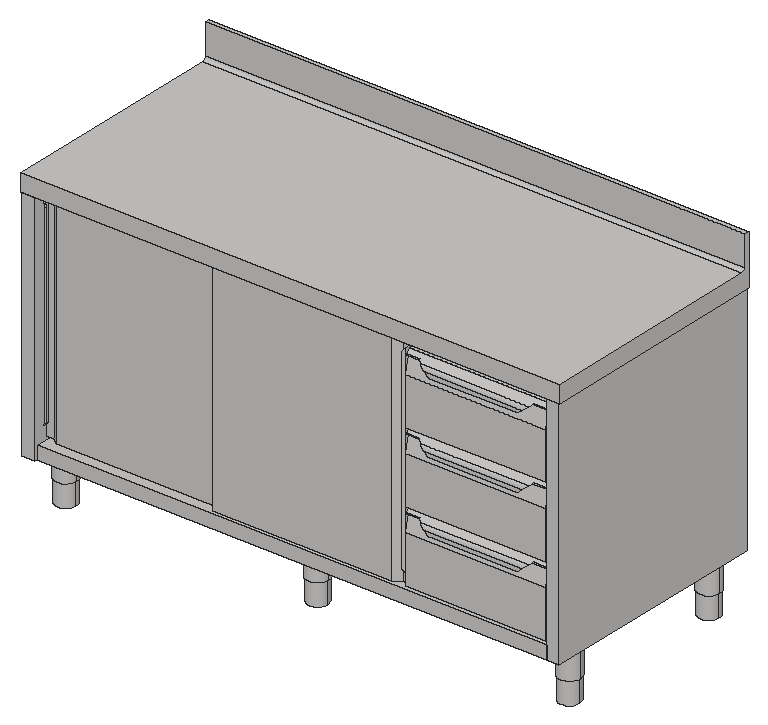
Revit family "QF_ZANUSSI_133169_NTA1610DXP", category Attrezzature speciali, Revit 2020
Family settings
  Quota connettore circolare = Usa diametro
  Tipo di parte = Normale
  Basato su piano di lavoro = No
  Sempre verticale = Sì
  Taglio con vuoti quando caricato = No
  Condiviso = No
  Punto di calcolo locali = No
Parameters (values of type "Standard")
  Weight = 70.00 kg
  Watts = 0 W
  Volts = 0 V
  URL Manufacturer = "http://www.zanussiprofessional.com"
  URL = "http://www.zanussiprofessional.com"
  Steam Supply Size = 0 mm
  Steam Supply Minimum Pressure = 0.0 Pa
  Steam Supply Maximum Pressure = 0.0 Pa
  Steam Consumption per Hour = 0
  Refrigeration Suction Line Size = 0.0 mm
  Refrigeration Liquid Line Size = 0.0 mm
  Refrigerant Compressor Remote = yes
  Prospetto di default = 0.0 mm
  Phase = 0
  Modello = "NTA1610DXP"
  Produttore = "Zanussi"
  Length Actual = 1600.0 mm  # constant formula
  Item Number = "133169"
  Hot Water Size = 0 mm
  Height Actual = 1000.0 mm  # constant formula
  HP = "0 HP"
  Gas Size = 0 mm
  Gas KW = 0
  Gas Input Pressure = 0 W
  Direct Waste Size = 0 mm
  Descrizione = "TABLE+UPST. 3 R/H DRAW.+2 SLIDING D.1600"
  Depth Actual = 700.0 mm  # constant formula
  Cycle = 0 Hz
  Condensate Return Size = 0 mm
  Compressed Air Volume = 0.0 L/s
  Compressed Air Size = 0 mm
  Compressed Air Pressure = 0.0 Pa
  Cold Water Size = 0 mm
  Accessory = yes
Reference planes
  plane 1 "Center (Front/Back)": y = 0
  plane 2: z = 0
  plane 3 "Center Slide Doors": x = -409
  plane 4 "LEFT": x = -1000
  plane 5 "RIGHT": x = 600
  plane 6 "BACK": y = 350
  plane 7 "FRONT": y = -350
  plane 8 "TOP": z = 900
  plane 9: x = -954
  plane 10: x = 554
  plane 11: y = 270
  plane 12: y = -247
  plane 13 "FEET": z = 150
  plane 14: x = -956.5
  plane 15: y = -344.5
  plane 16: x = 138.5
  plane 17: x = -433.5
  plane 18: x = -384.5
  plane 19 "BaseTop": z = 850
  plane 20: x = -994.5
  plane 21: y = 344.5
  plane 22: z = 1000
  plane 23: x = 136
  plane 24: x = 556.5
  plane 25 "FeetLeft": x = -947
  plane 26: x = 547
  plane 27 "Center (Left/Right)": x = -200
  plane 28: x = 594.5
Forms (mm)
  Extrusion 1, solid, material "QF_Finishes_Stainless Steel"
    sketch origin (0, 0, 150) x (-1, 0, 0) y (0, -1, 0)
      loop
        line (994.5, -350) -> (994.5, 350) -> (956.5, 350) -> (956.5, -350) -> (994.5, -350)
      loop
        line (-556.4, -350) -> (-556.4, 344.5) -> (-594.5, 344.5) -> (-594.5, -350) -> (-556.4, -350)
    from 0 to 700
  Extrusion 2, solid, material "QF_Finishes_Stainless Steel"
    sketch origin (0, 0, 150) x (-1, 0, 0) y (0, -1, 0)
      loop
        line (956.5, -347) -> (956.5, 344.5) -> (-556.5, 344.5) -> (-556.5, -347) -> (956.5, -347)
    from 0 to 40
  Extrusion 3, solid, material "QF_Finishes_Stainless Steel"
    sketch origin (33, 0, 150) x (-1, 0, 0) y (0, -1, 0)
      loop
        line (417.5, 324.5) -> (417.5, 304.5) -> (987, 304.5) -> (987, 319.071) -> (977.942, 328.129) -> (976.312, 326.5) -> (985, 317.812) -> (985, 309.5) -> (966.034, 309.5) -> (946.034, 324.5) -> (417.5, 324.5)
    from 700 to 50
  Extrusion 4, void
    sketch origin (0, -350, 0) x (-1, 0, 0) y (0, 0, 1)
      loop
        line (942.418, 247.973) -> (942.418, 191.4) -> (956.5, 191.4) -> (956.5, 229.369) -> (942.418, 247.973)
      loop
        line (942.418, 816.627) -> (956.5, 835.231) -> (956.5, 850) -> (942.418, 850) -> (942.418, 816.627)
    from 20.5 to 40.5
  Extrusion 5, solid, material "QF_Finishes_Stainless Steel"
    sketch origin (0, 0, 150) x (-1, 0, 0) y (0, -1, 0)
      loop
        line (-556.5, -350) -> (956.5, -350) -> (956.5, -327) -> (-556.5, -327) -> (-556.5, -350)
    from 700 to 40
  Extrusion 6, solid, material "QF_Finishes_Stainless Steel"
    sketch origin (-409, 0, 0) x (0, 1, 0) y (0, 0, 1)
      loop
        line (-350, 900) -> (-350, 850) -> (350, 850) -> (350, 1000) -> (337, 1000) -> (337, 910)
        arc (337, 910) -> (334.071, 902.929) -> (327, 900) r 10
        line (327, 900) -> (-350, 900)
    from 1009 to -591
  Extrusion 7, solid, material "QF_Finishes_Stainless Steel"
    sketch origin (-847, -20, 150) x (1, 0, 0) y (0, 1, 0)
      loop
        line (413.5, -324.5) -> (944.034, -324.5) -> (964.034, -309.5) -> (981, -309.5) -> (981, -317.812) -> (974.312, -324.5) -> (975.942, -326.129) -> (983, -319.071) -> (983, -304.5) -> (413.5, -304.5) -> (413.5, -324.5)
    from 700 to 50
  Extrusion 8, void
    sketch origin (-814, -350, 0) x (1, 0, 0) y (0, 0, -1)
      loop
        line (940.418, -247.973) -> (952.5, -229.369) -> (952.5, -191.4) -> (940.418, -191.4) -> (940.418, -247.973)
      loop
        line (940.418, -816.627) -> (940.418, -850) -> (952.5, -850) -> (952.5, -835.231) -> (940.418, -816.627)
    from 2.49 to 20.5
  Extrusion 9, solid, material "QF_Finishes_Stainless Steel"
    sketch origin (0, 0, 850) x (-1, 0, 0) y (0, -1, 0)
      loop
        line (-556.5, 304.5) -> (-556.5, 299.5) -> (-554, 299.5) -> (-554, 304.5) -> (-556.5, 304.5)
    from 0 to -2
Cuts and joins
  Extrusion 4, Extrusion 8 cuts Extrusion 3
  Extrusion 8 cuts Extrusion 1
  Extrusion 8 cuts Extrusion 6
  Extrusion 8 cuts Extrusion 7
Lines and regions (mm)
  symbolic lines, style "SpecialityEquipment"
    curve 1: line (-1000, 350, 850) -> (600, 350, 850)
    curve 2: line (-1000, -350, 850) -> (-1000, 350, 850)
    curve 3: line (600, -350, 850) -> (-1000, -350, 850)
    curve 4: line (600, 350, 850) -> (600, -350, 850)
    curve 17: line (-1000, 337, 850) -> (600, 337, 850)
  symbolic lines, style "SpecialityEquipmentHiddenLines"
    curve 5: line (-433.5, -324.5, 200) -> (-433.5, -344.5, 200)
    curve 6: line (-954, -304.5, 850) -> (-384.5, -304.5, 850)
    curve 7: line (-384.5, -304.5, 850) -> (-384.5, -324.5, 850)
    curve 8: line (-384.5, -324.5, 850) -> (-913.034, -324.5, 850)
    curve 9: line (-913.034, -324.5, 850) -> (-933.034, -309.5, 850)
    curve 10: line (-933.034, -309.5, 850) -> (-954, -309.5, 850)
    curve 11: line (-954, -309.5, 850) -> (-954, -304.5, 850)
    curve 12: line (-433.5, -344.5, 850) -> (97.034, -344.5, 850)
    curve 13: line (97.034, -344.5, 850) -> (117.034, -329.5, 850)
    curve 14: line (117.034, -329.5, 850) -> (136, -329.5, 850)
    curve 15: line (136, -329.5, 850) -> (136, -324.5, 850)
    curve 16: line (136, -324.5, 850) -> (-384.5, -324.5, 850)
Dimensions and locks
  plane 6 "BACK" to plane 7 "FRONT" = 700.0 mm
  equal spacing: plane 6 "BACK", plane 1 "Center (Front/Back)", plane 7 "FRONT"
  locked: plane 13 "FEET" to level at 150
  locked: plane 6 "BACK" to plane 11 at 80
  locked: plane 12 to plane 7 "FRONT" at 103
  plane 17 to plane 18 = 49.0 mm
  equal spacing: plane 17, plane 3 "Center Slide Doors", plane 18
  locked: plane 4 "LEFT" to plane 20 at 5.5
  locked: plane 20 to plane 14 at 38
  plane 15 to plane 7 "FRONT" = 5.5 mm  (x2)
  plane 6 "BACK" to plane 21 = 5.5 mm
  locked: plane 23 to plane 16 at 2.5
  equal spacing: plane 9, plane 3 "Center Slide Doors", plane 23
  locked: plane 9 to plane 23 at 1090
  locked: plane 4 "LEFT" to plane 5 "RIGHT" at 1600
  locked: plane 25 "FeetLeft" to plane 20 at 47.5
  plane 8 "TOP" to level = 900.0 mm
  locked: plane 22 to level at 1000
  plane 22 to plane 8 "TOP" = 100.0 mm
  locked: plane 28 to plane 5 "RIGHT" at 5.5
  locked: plane 24 to plane 28 at 38
  locked: plane 10 to plane 24 at 2.5
  locked: plane 28 to plane 26 at 47.5
  equal spacing: plane 4 "LEFT", plane 27 "Center (Left/Right)", plane 5 "RIGHT"
  locked: plane 14 to plane 9 at 2.5
  aligned and locked: level to plane 2
  aligned and locked: nested 4 to plane 11
  aligned and locked: nested 3 to plane 11
  aligned and locked: plane 6 "BACK" to Extrusion 1 sketch curve
  aligned and locked: Extrusion 1 sketch curve to plane 6 "BACK"
  aligned and locked: Extrusion 1 sketch curve to plane 7 "FRONT"
  aligned and locked: plane 14 to Extrusion 1
  aligned and locked: Extrusion 2 to plane 14
  aligned and locked: Extrusion 2 to plane 15
  aligned and locked: nested 1 to plane 12
  aligned and locked: nested 2 to plane 12
  aligned and locked: plane 18 to Extrusion 3
  aligned and locked: nested 4 to nested 2
  aligned and locked: Extrusion 5 to plane 14
  aligned and locked: plane 19 "BaseTop" to Extrusion 3
  aligned and locked: plane 19 "BaseTop" to Extrusion 5
  aligned and locked: Extrusion 6 to plane 4 "LEFT"
  aligned and locked: plane 5 "RIGHT" to Extrusion 6
  aligned and locked: plane 24 to Extrusion 2 sketch curve
  aligned and locked: plane 25 "FeetLeft" to nested 1
  aligned and locked: nested 3 to nested 1
  aligned and locked: plane 26 to nested 2
  aligned and locked: nested 5 to plane 27 "Center (Left/Right)"
  aligned and locked: nested 6 to nested 5
  aligned and locked: Extrusion 5 to plane 24
  aligned and locked: plane 28 to cut or joined group of Extrusion 1, Extrusion 8
Automatic sketch dimensions
  Extrusion 1 sketch curve to plane 15 = 0.0 mm
  Extrusion 1 sketch curve to plane 14 = 0.0 mm
  Extrusion 1 sketch curve to plane 20 = 0.0 mm
  plane 24 to Extrusion 1 sketch curve = 0.1 mm
  Extrusion 2 sketch curve to plane 14 = 0.0 mm
  Extrusion 2 sketch curve to plane 15 = 0.0 mm
  plane 21 to Extrusion 2 sketch curve = 2.5 mm
  Extrusion 3 sketch curve to plane 18 = 0.0 mm
  Extrusion 3 sketch curve to plane 9 = 0.0 mm
  plane 25 "FeetLeft" to Extrusion 3 sketch curve = 33.966 mm
  plane 25 "FeetLeft" to Extrusion 3 sketch curve = 13.966 mm
  plane 25 "FeetLeft" to Extrusion 3 sketch curve = 3.688 mm
  plane 25 "FeetLeft" to Extrusion 3 sketch curve = 2.058 mm
  plane 9 to Extrusion 3 sketch curve = 2.0 mm
  plane 15 to Extrusion 3 sketch curve = 40.0 mm
  Extrusion 3 sketch curve to Extrusion 3 sketch curve = 5.0 mm
  Extrusion 3 sketch curve to Extrusion 3 sketch curve = 8.312 mm
  Extrusion 3 sketch curve to Extrusion 3 sketch curve = 1.259 mm
  plane 15 to Extrusion 3 sketch curve = 20.0 mm
  Extrusion 4 sketch curve to plane 19 "BaseTop" = 0.0 mm
  Extrusion 4 sketch curve to plane 14 = 0.0 mm  (x2)
  plane 25 "FeetLeft" to Extrusion 4 sketch curve = 4.582 mm  (x2)
  Extrusion 4 sketch curve to Extrusion 4 sketch curve = 14.769 mm
  Extrusion 4 sketch curve to Extrusion 4 sketch curve = 18.604 mm  (x2)
  plane 13 "FEET" to Extrusion 4 sketch curve = 97.973 mm
  Extrusion 4 sketch curve to Extrusion 4 sketch curve = 37.969 mm
  curve 5 to plane 15 = 0.0 mm
  curve 5 to plane 17 = 0.0 mm
  plane 15 to curve 5 = 20.0 mm
  Extrusion 5 sketch curve to plane 6 "BACK" = 0.0 mm
  Extrusion 5 sketch curve to plane 24 = 0.0 mm
  Extrusion 5 sketch curve to plane 14 = 0.0 mm
  plane 21 to Extrusion 5 sketch curve = 17.5 mm
  curve 17 to plane 5 "RIGHT" = 0.0 mm
  curve 16 to plane 23 = 0.0 mm
  curve 13 to plane 15 = 0.0 mm
  curve 7 to plane 18 = 0.0 mm
  curve 12 to plane 17 = 0.0 mm
  curve 11 to plane 9 = 0.0 mm
  curve 3 to plane 4 "LEFT" = 0.0 mm
  curve 1 to plane 6 "BACK" = 0.0 mm
  curve 3 to plane 7 "FRONT" = 0.0 mm
  curve 14 to curve 14 = 18.966 mm
  curve 13 to curve 13 = 20.0 mm
  plane 25 "FeetLeft" to curve 9 = 33.966 mm
  plane 25 "FeetLeft" to curve 9 = 13.966 mm
  plane 15 to curve 7 = 40.0 mm
  curve 6 to curve 10 = 5.0 mm
  plane 15 to curve 8 = 20.0 mm
  curve 15 to curve 15 = 5.0 mm
  curve 17 to plane 21 = 7.5 mm
  Extrusion 6 sketch curve to plane 7 "FRONT" = 0.0 mm
  Extrusion 6 sketch curve to plane 8 "TOP" = 0.0 mm
  Extrusion 6 sketch curve to plane 22 = 0.0 mm
  Extrusion 6 sketch curve to plane 6 "BACK" = 0.0 mm
  Extrusion 6 sketch curve to plane 19 "BaseTop" = 0.0 mm
  Extrusion 6 sketch curve to plane 21 = 17.5 mm
  Extrusion 6 sketch curve to plane 21 = 7.5 mm
  Extrusion 7 sketch curve to plane 17 = 0.0 mm
  Extrusion 7 sketch curve to plane 15 = 0.0 mm  (x2)
  Extrusion 7 sketch curve to plane 23 = 0.0 mm
  plane 23 to Extrusion 7 sketch curve = 38.966 mm
  plane 23 to Extrusion 7 sketch curve = 18.966 mm
  plane 23 to Extrusion 7 sketch curve = 8.688 mm
  plane 15 to Extrusion 7 sketch curve = 1.629 mm
  Extrusion 7 sketch curve to Extrusion 7 sketch curve = 1.629 mm
  plane 23 to Extrusion 7 sketch curve = 2.0 mm
  Extrusion 7 sketch curve to plane 15 = 15.0 mm
  Extrusion 7 sketch curve to Extrusion 7 sketch curve = 5.0 mm
  Extrusion 8 sketch curve to plane 19 "BaseTop" = 0.0 mm
  Extrusion 8 sketch curve to plane 16 = 0.0 mm  (x2)
  plane 23 to Extrusion 8 sketch curve = 9.582 mm  (x2)
  Extrusion 8 sketch curve to Extrusion 8 sketch curve = 14.769 mm
  Extrusion 8 sketch curve to Extrusion 8 sketch curve = 18.604 mm  (x2)
  Extrusion 8 sketch curve to plane 13 "FEET" = 97.973 mm
  Extrusion 8 sketch curve to Extrusion 8 sketch curve = 37.969 mm
  Extrusion 9 sketch curve to plane 24 = 0.0 mm
  Extrusion 9 sketch curve to plane 10 = 0.0 mm
  plane 15 to Extrusion 9 sketch curve = 45.0 mm
  Extrusion 9 sketch curve to Extrusion 9 sketch curve = 5.0 mm
  Extrusion 1 sketch curve to plane 5 "RIGHT" = 5.5 mm
Nested families
  nested 1: "FEET_D60-150" at (-947, -247, 0), type "FEET_D60-150"
  nested 2: "FEET_D60-150" at (547, -247, 0), type "FEET_D60-150"
  nested 3: "FEET_D60-150" at (-947, 270, 0), type "FEET_D60-150"
  nested 4: "FEET_D60-150" at (547, 270, 0), type "FEET_D60-150"
  nested 5: "FEET_D60-150" at (-200, -247, 0), type "FEET_D60-150"
  nested 6: "FEET_D60-150" at (-200, 270, 0), type "FEET_D60-150"
  nested 7: "H637_600_3DRAWERS" at (310.458, -304.5, 152) x (1, 0, 0) z (0, -1, 0), type "H637_600_3DRAWERS"
    with Show Clearance yes
Definition of nested family "FEET_D60-150"
  Parameters
    Default Elevation = 0.0 mm
    FEET = 150.0 mm
  Reference planes
    plane 1 "Center (Front/Back)": y = 0
    plane 2: z = 0
    plane 3 "Center (Left/Right)": x = 0
    plane 4: z = 150
  Forms (mm)
    Extrusion 1, solid
      sketch origin (0, 0, 0) x (1, 0, 0) y (0, 1, 0)
        loop
          circle (0, 0) r 28
      from 0 to 67
    Revolve 2, solid
      sketch origin (0, 0, 0) x (1, 0, 0) y (0, 0, 1)
        loop
          line (0, 0) -> (0, 150) -> (-32.939, 150) -> (-32.939, 67) -> (-30, 67) -> (-30, 0) -> (0, 0)
        axis (0, 150) -> (0, 0)
      angle from 0 to 360
  Lines and regions (mm)
    symbolic lines
      curve 1: line (0, -1.503, 0) -> (0, 1.508, 0)
      curve 2: line (1.561, 0, 0) -> (-1.439, 0, 0)
  Dimensions and locks
    "FEET": plane 4 to plane 2
    aligned and locked: level to plane 2
  Automatic sketch dimensions
    plane 1 "Center (Front/Back)" to Extrusion 1 sketch curve = 0.0 mm
    Extrusion 1 sketch curve to plane 3 "Center (Left/Right)" = 0.0 mm
    plane 1 "Center (Front/Back)" to curve 2 = 0.0 mm
    curve 1 to plane 3 "Center (Left/Right)" = 0.0 mm
    curve 2 to plane 3 "Center (Left/Right)" = 1.439 mm
    plane 3 "Center (Left/Right)" to curve 2 = 1.561 mm
    plane 1 "Center (Front/Back)" to curve 1 = 1.503 mm
    curve 1 to plane 1 "Center (Front/Back)" = 1.508 mm
    Revolve 2 sketch curve to plane 4 = 0.0 mm
    Revolve 2 sketch curve to level = 0.0 mm
    Revolve 2 sketch curve to plane 3 "Center (Left/Right)" = 0.0 mm  (x2)
    Revolve 2 sketch curve to plane 3 "Center (Left/Right)" = 30.0 mm
    Revolve 2 sketch curve to plane 3 "Center (Left/Right)" = 32.939 mm
    level to Revolve 2 sketch curve = 67.0 mm
    Revolve 2 sketch curve to level = 42.207 mm
    Revolve 2 sketch curve to Revolve 2 sketch curve = 10.0 mm
    radius of Extrusion 1 sketch curve = 28.0 mm
Definition of nested family "H637_600_3DRAWERS"
  Parameters
    Width = 419.0 mm
    Show Clearance [instance] = yes
    Model = "727995"
    Height = 700.0 mm
    Default Elevation = 0.0 mm
  Reference planes
    plane 1 "Center (Front/Back)": y = 0
    plane 2: z = 0
    plane 3 "Center (Left/Right)": x = 36.042
    plane 4 "panel": z = 25
    plane 5 "Left": x = -173.458
    plane 6 "Right": x = 245.542
    plane 7: y = 700
    plane 8: z = 45
    plane 9: x = 243.542
    plane 10: x = -171.458
    plane 11: y = 676
    plane 12: y = 38
    plane 13: z = 499.734
    plane 14: y = 470
    plane 15: y = 465
    plane 16: y = 259
    plane 17: y = 254
    plane 18: y = 48
  Forms (mm)
    Extrusion 1, solid
      sketch origin (0, -919.2, 0) x (1, 0, 0) y (0, 1, 0)
        loop
          line (-980.5, 2119.2) -> (-980.5, -162.846) -> (881.94, -162.846) -> (881.94, 2119.2) -> (-980.5, 2119.2)
      from 0 to -59.546
    Extrusion 2, solid
      sketch origin (36.042, -645.693, 0) x (0, 1, 0) y (0, 0, 1)
        loop
          line (856.63, 49.734) -> (856.63, 47.734) -> (866.98, 47.734)
          arc (866.98, 47.734) -> (873.586, 46.42) -> (879.186, 42.679) r 17.261
          line (879.186, 42.679) -> (896.019, 25.845) -> (899.693, 25) -> (880.6, 44.093)
          arc (880.6, 44.093) -> (874.351, 48.268) -> (866.98, 49.734) r 19.261
          line (866.98, 49.734) -> (856.63, 49.734)
      from -207.5 to 207.5
    Extrusion 3, solid, detail levels coarse
      sketch origin (0, 0, 0) x (1, 0, 0) y (0, 0, 1)
        loop
          line (-171.458, 40) -> (243.542, 40) -> (243.542, 499.734) -> (-171.458, 499.734) -> (-171.458, 40)
      from -48 to -254
    Extrusion 4, solid
      sketch origin (36.042, -616, 0) x (0, 1, 0) y (0, 0, 1)
        loop
          line (664.4, 40) -> (664.4, 0) -> (870, 0) -> (870, 25) -> (804.797, 40) -> (664.4, 40)
      from 207.5 to -207.5
    Extrusion 5, void
      sketch origin (0, 0, 0) x (1, 0, 0) y (0, 1, 0)
        loop
          line (-99.744, 213.799) -> (-133.705, 243.322) -> (-166.458, 243.322)
          arc (-166.458, 243.322) -> (-169.994, 244.786) -> (-171.458, 248.322) r 5
          line (-171.458, 248.322) -> (-171.458, 210.937) -> (-91.403, 210.937)
          arc (-91.403, 210.937) -> (-95.762, 211.819) -> (-99.744, 213.799) r 17.035
      from 36.678 to 53.74
    Extrusion 6, void
      sketch origin (72.084, 0, 0) x (-1, 0, 0) y (0, -1, 0)
        loop
          arc (-99.744, -213.799) -> (-95.762, -211.819) -> (-91.403, -210.937) r 17.035
          line (-91.403, -210.937) -> (-171.458, -210.937) -> (-171.458, -248.322)
          arc (-171.458, -248.322) -> (-169.994, -244.786) -> (-166.458, -243.322) r 5
          line (-166.458, -243.322) -> (-133.705, -243.322) -> (-99.744, -213.799)
      from 36.678 to 53.74
    Extrusion 7, solid
      sketch origin (36.042, -434.693, 0) x (0, 1, 0) y (0, 0, 1)
        loop
          line (856.63, 49.734) -> (856.63, 47.734) -> (866.98, 47.734)
          arc (866.98, 47.734) -> (873.586, 46.42) -> (879.186, 42.679) r 17.261
          line (879.186, 42.679) -> (896.019, 25.845) -> (899.693, 25) -> (880.6, 44.093)
          arc (880.6, 44.093) -> (874.351, 48.268) -> (866.98, 49.734) r 19.261
          line (866.98, 49.734) -> (856.63, 49.734)
      from -207.5 to 207.5
    Extrusion 8, solid
      sketch origin (36.042, -405, 0) x (0, 1, 0) y (0, 0, 1)
        loop
          line (664, 40) -> (664, 0) -> (870, 0) -> (870, 25) -> (804.797, 40) -> (664, 40)
      from 207.5 to -207.5
    Extrusion 9, void
      sketch origin (0, 211, 0) x (1, 0, 0) y (0, 1, 0)
        loop
          line (-99.744, 213.799) -> (-133.705, 243.322) -> (-166.458, 243.322)
          arc (-166.458, 243.322) -> (-169.994, 244.786) -> (-171.458, 248.322) r 5
          line (-171.458, 248.322) -> (-171.458, 210.937) -> (-91.403, 210.937)
          arc (-91.403, 210.937) -> (-95.762, 211.819) -> (-99.744, 213.799) r 17.035
      from 36.678 to 53.74
    Extrusion 10, void
      sketch origin (72.084, 211, 0) x (-1, 0, 0) y (0, -1, 0)
        loop
          arc (-99.744, -213.799) -> (-95.762, -211.819) -> (-91.403, -210.937) r 17.035
          line (-91.403, -210.937) -> (-171.458, -210.937) -> (-171.458, -248.322)
          arc (-171.458, -248.322) -> (-169.994, -244.786) -> (-166.458, -243.322) r 5
          line (-166.458, -243.322) -> (-133.705, -243.322) -> (-99.744, -213.799)
      from 36.678 to 53.74
    Extrusion 11, solid
      sketch origin (36.042, -223.693, 0) x (0, 1, 0) y (0, 0, 1)
        loop
          line (856.63, 49.734) -> (856.63, 47.734) -> (866.98, 47.734)
          arc (866.98, 47.734) -> (873.586, 46.42) -> (879.186, 42.679) r 17.261
          line (879.186, 42.679) -> (896.019, 25.845) -> (899.693, 25) -> (880.6, 44.093)
          arc (880.6, 44.093) -> (874.351, 48.268) -> (866.98, 49.734) r 19.261
          line (866.98, 49.734) -> (856.63, 49.734)
      from -207.5 to 207.5
    Extrusion 12, solid
      sketch origin (36.042, -194, 0) x (0, 1, 0) y (0, 0, 1)
        loop
          line (664, 40) -> (664, 0) -> (870, 0) -> (870, 25) -> (804.797, 40) -> (664, 40)
      from 207.5 to -207.5
    Extrusion 13, void
      sketch origin (0, 422, 0) x (1, 0, 0) y (0, 1, 0)
        loop
          line (-99.744, 213.799) -> (-133.705, 243.322) -> (-166.458, 243.322)
          arc (-166.458, 243.322) -> (-169.994, 244.786) -> (-171.458, 248.322) r 5
          line (-171.458, 248.322) -> (-171.458, 210.937) -> (-91.403, 210.937)
          arc (-91.403, 210.937) -> (-95.762, 211.819) -> (-99.744, 213.799) r 17.035
      from 36.678 to 53.74
    Extrusion 14, void
      sketch origin (72.084, 422, 0) x (-1, 0, 0) y (0, -1, 0)
        loop
          arc (-99.744, -213.799) -> (-95.762, -211.819) -> (-91.403, -210.937) r 17.035
          line (-91.403, -210.937) -> (-171.458, -210.937) -> (-171.458, -248.322)
          arc (-171.458, -248.322) -> (-169.994, -244.786) -> (-166.458, -243.322) r 5
          line (-166.458, -243.322) -> (-133.705, -243.322) -> (-99.744, -213.799)
      from 36.678 to 53.74
    Extrusion 15, solid, detail levels coarse
      sketch origin (0, 0, 0) x (1, 0, 0) y (0, 0, 1)
        loop
          line (-171.458, 40) -> (243.542, 40) -> (243.542, 499.734) -> (-171.458, 499.734) -> (-171.458, 40)
      from -259 to -465
    Extrusion 16, solid, detail levels coarse
      sketch origin (0, 0, 0) x (1, 0, 0) y (0, 0, 1)
        loop
          line (-171.458, 40) -> (243.542, 40) -> (243.542, 499.734) -> (-171.458, 499.734) -> (-171.458, 40)
      from -470 to -676
  Cuts and joins
    Extrusion 5, Extrusion 6, Extrusion 9, Extrusion 10 cuts Extrusion 2
    Extrusion 5 cuts Extrusion 4
    Extrusion 9, Extrusion 10, Extrusion 13, Extrusion 14 cuts Extrusion 7
    Extrusion 13, Extrusion 14 cuts Extrusion 11
  Lines and regions (mm)
    symbolic lines
      curve 1: line (243.542, 0, 179.734) -> (243.542, 0, 199.734)
      curve 2: line (212.235, 0, 49.734) -> (-171.458, 0, 49.734)
      curve 3: spline (231.959, 0, 44.389) -> (230.421, 0, 45.265) -> (228.856, 0, 46.066) -> (227.265, 0, 46.791) -> (225.651, 0, 47.437) -> (224.017, 0, 48.005) -> (222.365, 0, 48.493) -> (220.698, 0, 48.9) -> (219.019, 0, 49.226) -> (217.331, 0, 49.471) -> (215.636, 0, 49.633) -> (213.936, 0, 49.712) -> (212.236, 0, 49.71)
      curve 4: line (238.456, 0, 40) -> (231.959, 0, 44.389)
      curve 5: line (243.542, 0, 500) -> (-171.458, 0, 500)
      curve 6: line (243.542, 0, 349.734) -> (-171.458, 0, 349.734)
      curve 7: line (243.542, 0, 199.734) -> (-171.458, 0, 199.734)
      curve 8: line (243.542, 0, 480) -> (-171.458, 0, 480)
      curve 9: line (243.542, 0, 329.734) -> (-171.458, 0, 329.734)
      curve 10: line (243.542, 0, 179.734) -> (-171.458, 0, 179.734)
      curve 11: line (-156.458, 0, 49.734) -> (-156.458, 0, 179.734)
      curve 12: line (-156.458, 0, 349.734) -> (-156.458, 0, 480)
      curve 13: line (-156.458, 0, 199.734) -> (-156.458, 0, 329.734)
      curve 14: line (228.542, 0, 49.734) -> (228.542, 0, 179.734)
      curve 15: line (228.542, 0, 349.734) -> (228.542, 0, 480)
      curve 16: line (228.542, 0, 199.734) -> (228.542, 0, 329.734)
      curve 17: line (243.542, 0, 480) -> (243.542, 0, 500)
      curve 18: line (243.542, 0, 329.734) -> (243.542, 0, 349.734)
      curve 19: line (-171.458, 0, 179.734) -> (-171.458, 0, 199.734)
      curve 20: line (-171.458, 0, 480) -> (-171.458, 0, 500)
      curve 21: line (-171.458, 0, 329.734) -> (-171.458, 0, 349.734)
  Dimensions and locks
    plane 4 "panel" to level = 25.0 mm
    "Width": plane 5 "Left" to plane 6 "Right"
    equal spacing: plane 5 "Left", plane 3 "Center (Left/Right)", plane 6 "Right"
    "Height": plane 1 "Center (Front/Back)" to plane 7
    plane 9 to plane 6 "Right" = 2.0 mm
    plane 5 "Left" to plane 10 = 2.0 mm
    plane 7 to plane 11 = 24.0 mm
    plane 1 "Center (Front/Back)" to plane 12 = 38.0 mm
    plane 10 to plane 9 = 415.0 mm
    plane 11 to plane 14 = 206.0 mm
    locked: plane 14 to plane 15 at 5
    plane 15 to plane 16 = 206.0 mm
    locked: plane 16 to plane 17 at 5
    plane 17 to plane 18 = 206.0 mm  (x2)
    plane 16 to plane 17 = 5.0 mm
    plane 14 to plane 15 = 5.0 mm
    plane 16 to plane 15 = 206.0 mm
    plane 14 to plane 11 = 206.0 mm
    aligned and locked: plane 2 to Extrusion 1
    aligned and locked: level to Extrusion 1
    aligned and locked: plane 9 to Extrusion 4
    aligned and locked: plane 10 to Extrusion 4
  Automatic sketch dimensions
    Extrusion 1 sketch curve to Extrusion 1 sketch curve = 1862.44 mm
    Extrusion 1 sketch curve to Extrusion 1 sketch curve = 2282.046 mm
    Extrusion 2 sketch curve to Extrusion 2 sketch curve = 0.0 mm  (x2)
    Extrusion 2 sketch curve to plane 4 "panel" = 0.0 mm
    Extrusion 2 sketch curve to plane 17 = 0.0 mm
    plane 4 "panel" to Extrusion 2 sketch curve = 0.845 mm
    Extrusion 2 sketch curve to plane 17 = 3.674 mm
    Extrusion 2 sketch curve to plane 8 = 0.907 mm
    Extrusion 2 sketch curve to plane 17 = 19.093 mm
    Extrusion 2 sketch curve to plane 8 = 2.321 mm
    Extrusion 2 sketch curve to Extrusion 2 sketch curve = 1.414 mm
    plane 4 "panel" to Extrusion 2 sketch curve = 5.474 mm
    Extrusion 2 sketch curve to Extrusion 2 sketch curve = 12.205 mm
    Extrusion 2 sketch curve to Extrusion 2 sketch curve = 10.351 mm
    Extrusion 4 sketch curve to level = 0.0 mm
    Extrusion 4 sketch curve to plane 4 "panel" = 0.0 mm
    Extrusion 4 sketch curve to plane 17 = 0.0 mm
    Extrusion 4 sketch curve to plane 8 = 5.0 mm
    Extrusion 4 sketch curve to plane 17 = 65.203 mm
    plane 18 to Extrusion 4 sketch curve = 0.4 mm
    Extrusion 7 sketch curve to Extrusion 7 sketch curve = 0.0 mm  (x2)
    Extrusion 7 sketch curve to plane 4 "panel" = 0.0 mm
    Extrusion 7 sketch curve to plane 15 = 0.0 mm
    plane 4 "panel" to Extrusion 7 sketch curve = 0.845 mm
    Extrusion 7 sketch curve to plane 15 = 3.674 mm
    Extrusion 7 sketch curve to plane 8 = 0.907 mm
    Extrusion 7 sketch curve to plane 15 = 19.093 mm
    Extrusion 7 sketch curve to plane 8 = 2.321 mm
    Extrusion 7 sketch curve to Extrusion 7 sketch curve = 1.414 mm
    plane 4 "panel" to Extrusion 7 sketch curve = 5.474 mm
    Extrusion 7 sketch curve to Extrusion 7 sketch curve = 12.205 mm
    Extrusion 7 sketch curve to Extrusion 7 sketch curve = 10.351 mm
    Extrusion 8 sketch curve to plane 16 = 0.0 mm
    Extrusion 8 sketch curve to plane 4 "panel" = 0.0 mm
    Extrusion 8 sketch curve to plane 15 = 0.0 mm
    Extrusion 8 sketch curve to level = 0.0 mm
    Extrusion 8 sketch curve to plane 8 = 5.0 mm
    Extrusion 8 sketch curve to plane 15 = 65.203 mm
    Extrusion 11 sketch curve to Extrusion 11 sketch curve = 0.0 mm  (x2)
    Extrusion 11 sketch curve to plane 4 "panel" = 0.0 mm
    Extrusion 11 sketch curve to plane 11 = 0.0 mm
    plane 4 "panel" to Extrusion 11 sketch curve = 0.845 mm
    Extrusion 11 sketch curve to plane 11 = 3.674 mm
    Extrusion 11 sketch curve to plane 8 = 0.907 mm
    Extrusion 11 sketch curve to plane 11 = 19.093 mm
    Extrusion 11 sketch curve to plane 8 = 2.321 mm
    Extrusion 11 sketch curve to Extrusion 11 sketch curve = 1.414 mm
    plane 4 "panel" to Extrusion 11 sketch curve = 5.474 mm
    Extrusion 11 sketch curve to Extrusion 11 sketch curve = 12.205 mm
    Extrusion 11 sketch curve to Extrusion 11 sketch curve = 10.351 mm
    Extrusion 12 sketch curve to plane 14 = 0.0 mm
    Extrusion 12 sketch curve to plane 4 "panel" = 0.0 mm
    Extrusion 12 sketch curve to plane 11 = 0.0 mm
    Extrusion 12 sketch curve to level = 0.0 mm
    Extrusion 12 sketch curve to plane 8 = 5.0 mm
    Extrusion 12 sketch curve to plane 11 = 65.203 mm
    plane 10 to curve 21 = 0.0 mm
    plane 10 to curve 20 = 0.0 mm
    plane 10 to curve 2 = 0.0 mm
    plane 10 to curve 19 = 0.0 mm
    curve 6 to plane 9 = 0.0 mm
    curve 7 to plane 9 = 0.0 mm
    curve 17 to plane 9 = 0.0 mm
    curve 4 to plane 8 = 0.611 mm
    curve 4 to plane 9 = 11.583 mm
    plane 8 to curve 19 = 134.734 mm
    curve 19 to curve 19 = 20.0 mm
    curve 1 to curve 18 = 130.0 mm
    curve 9 to curve 18 = 20.0 mm
    plane 13 to curve 17 = 19.734 mm
    curve 20 to plane 13 = 0.266 mm
    plane 8 to curve 11 = 4.734 mm
    curve 11 to plane 10 = 15.0 mm
    curve 21 to curve 12 = 15.0 mm
    curve 19 to curve 13 = 15.0 mm
    curve 2 to curve 3 = 19.723 mm
    curve 2 to curve 3 = 0.0 mm
    curve 3 to level = 1.281 mm
    curve 3 to plane 6 "Right" = 32.398 mm
    curve 15 to curve 6 = 15.0 mm
    curve 14 to curve 1 = 15.0 mm
    curve 16 to curve 1 = 15.0 mm
    curve 4 to plane 9 = 5.086 mm
    curve 4 to plane 8 = 5.0 mm
    curve 3 to curve 2 = 0.025 mm
    plane 8 to curve 14 = 4.734 mm
    plane 10 to Extrusion 3 sketch curve = 0.0 mm
    Extrusion 3 sketch curve to plane 9 = 0.0 mm
    Extrusion 3 sketch curve to plane 13 = 0.0 mm
    Extrusion 3 sketch curve to plane 8 = 5.0 mm
    Extrusion 5 sketch curve to plane 10 = 0.0 mm
    Extrusion 5 sketch curve to plane 10 = 5.0 mm
    Extrusion 5 sketch curve to plane 17 = 10.678 mm
    Extrusion 5 sketch curve to Extrusion 5 sketch curve = 32.753 mm
    Extrusion 5 sketch curve to Extrusion 5 sketch curve = 33.961 mm
    Extrusion 5 sketch curve to Extrusion 5 sketch curve = 8.34 mm
    Extrusion 5 sketch curve to Extrusion 5 sketch curve = 9.511 mm
    Extrusion 5 sketch curve to plane 17 = 26.068 mm
    Extrusion 5 sketch curve to Extrusion 5 sketch curve = 14.132 mm
    Extrusion 6 sketch curve to plane 9 = 0.0 mm
    plane 9 to Extrusion 6 sketch curve = 5.0 mm
    plane 17 to Extrusion 6 sketch curve = 10.678 mm
    Extrusion 6 sketch curve to Extrusion 6 sketch curve = 32.753 mm
    Extrusion 6 sketch curve to Extrusion 6 sketch curve = 33.961 mm
    Extrusion 6 sketch curve to Extrusion 6 sketch curve = 8.34 mm
    Extrusion 6 sketch curve to Extrusion 6 sketch curve = 1.171 mm
    plane 17 to Extrusion 6 sketch curve = 26.068 mm
    Extrusion 6 sketch curve to Extrusion 6 sketch curve = 14.132 mm
    Extrusion 9 sketch curve to plane 10 = 0.0 mm
    Extrusion 9 sketch curve to plane 10 = 5.0 mm
    Extrusion 9 sketch curve to plane 15 = 10.678 mm
    Extrusion 9 sketch curve to Extrusion 9 sketch curve = 32.753 mm
    Extrusion 9 sketch curve to Extrusion 9 sketch curve = 33.961 mm
    Extrusion 9 sketch curve to Extrusion 9 sketch curve = 8.34 mm
    Extrusion 9 sketch curve to Extrusion 9 sketch curve = 9.511 mm
    Extrusion 9 sketch curve to plane 15 = 26.068 mm
    Extrusion 9 sketch curve to Extrusion 9 sketch curve = 14.132 mm
    Extrusion 10 sketch curve to plane 9 = 0.0 mm
    plane 9 to Extrusion 10 sketch curve = 5.0 mm
    plane 15 to Extrusion 10 sketch curve = 10.678 mm
    Extrusion 10 sketch curve to Extrusion 10 sketch curve = 32.753 mm
    Extrusion 10 sketch curve to Extrusion 10 sketch curve = 33.961 mm
    Extrusion 10 sketch curve to Extrusion 10 sketch curve = 8.34 mm
    Extrusion 10 sketch curve to Extrusion 10 sketch curve = 1.171 mm
    plane 15 to Extrusion 10 sketch curve = 26.068 mm
    Extrusion 10 sketch curve to Extrusion 10 sketch curve = 14.132 mm
    Extrusion 13 sketch curve to plane 10 = 0.0 mm
    Extrusion 13 sketch curve to plane 10 = 5.0 mm
    Extrusion 13 sketch curve to plane 11 = 10.678 mm
    Extrusion 13 sketch curve to Extrusion 13 sketch curve = 32.753 mm
    Extrusion 13 sketch curve to Extrusion 13 sketch curve = 33.961 mm
    Extrusion 13 sketch curve to Extrusion 13 sketch curve = 8.34 mm
    Extrusion 13 sketch curve to Extrusion 13 sketch curve = 9.511 mm
    Extrusion 13 sketch curve to plane 11 = 26.068 mm
    Extrusion 13 sketch curve to Extrusion 13 sketch curve = 14.132 mm
    Extrusion 14 sketch curve to plane 9 = 0.0 mm
    plane 9 to Extrusion 14 sketch curve = 5.0 mm
    plane 11 to Extrusion 14 sketch curve = 10.678 mm
    Extrusion 14 sketch curve to Extrusion 14 sketch curve = 32.753 mm
    Extrusion 14 sketch curve to Extrusion 14 sketch curve = 33.961 mm
    Extrusion 14 sketch curve to Extrusion 14 sketch curve = 8.34 mm
    Extrusion 14 sketch curve to Extrusion 14 sketch curve = 1.171 mm
    plane 11 to Extrusion 14 sketch curve = 26.068 mm
    Extrusion 14 sketch curve to Extrusion 14 sketch curve = 14.132 mm
    plane 10 to Extrusion 15 sketch curve = 0.0 mm
    Extrusion 15 sketch curve to plane 9 = 0.0 mm
    Extrusion 15 sketch curve to plane 8 = 5.0 mm
    plane 13 to Extrusion 15 sketch curve = 0.0 mm
    plane 10 to Extrusion 16 sketch curve = 0.0 mm
    Extrusion 16 sketch curve to plane 9 = 0.0 mm
    Extrusion 16 sketch curve to plane 8 = 5.0 mm
    plane 8 to Extrusion 16 sketch curve = 454.734 mm
